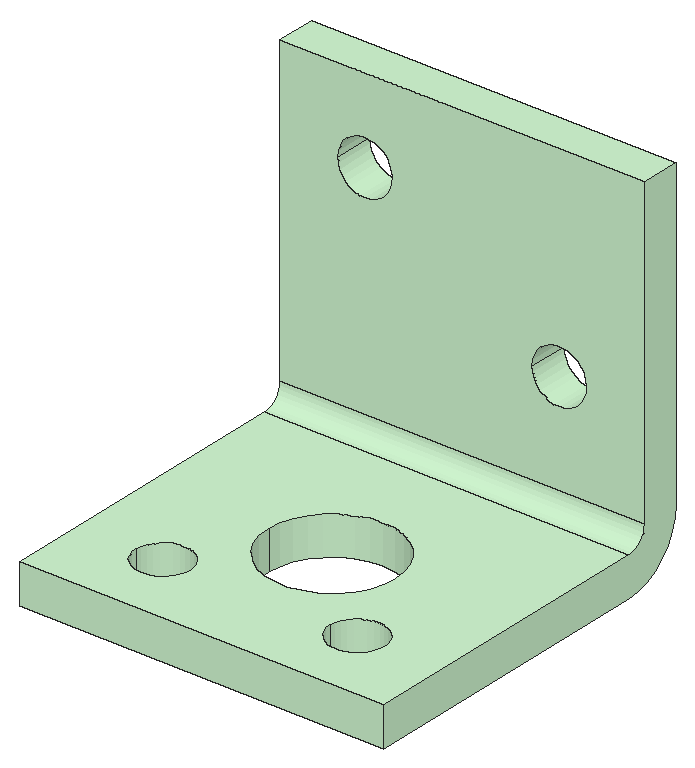
Revit family "l3-2x30x30", category 機械設備, Revit 2022
Family settings
  丸型コネクタ寸法 = 直径を使用
  種別 = なし
  パーツ タイプ = 標準
  作業面ベース = いいえ
  常に垂直 = はい
  ロード時にボイドで切り取り = いいえ
  注釈の向きを維持 = いいえ
  共有 = いいえ
  部屋計算ポイント = いいえ
Parameters
  製造元 = "株式会社桐井製作所"
  既定の高さ = 0 mm
  URL = "https://www.kirii.co.jp/"
  K_品名 = "L-t3.2×30×30L"
  K_名称 = "その他金物"
  K_入数 = "200"
  K_バージョン情報 = "20210524"
Reference planes
  plane 1 "中心(正面/背面)": y = 0
  plane 2: z = 0
  plane 3 "中心(左/右)": x = 0
Forms (mm)
  Extrusion 1, solid
    sketch origin (0, 0, 0) x (0, 0, -1) y (0, 1, 0)
      loop
        line (-30, -3.2) -> (-4.8, -3.2)
        arc (-4.8, -3.2) -> (-3.669, -3.669) -> (-3.2, -4.8) r 1.6
        line (-3.2, -4.8) -> (-3.2, -30) -> (0, -30) -> (0, -4.8)
        arc (0, -4.8) -> (-1.406, -1.406) -> (-4.8, 0) r 4.8
        line (-4.8, 0) -> (-30, 0) -> (-30, -3.2)
    from -15 to 15
  Extrusion 2, void
    sketch origin (0, 0, 0) x (1, 0, 0) y (0, 1, 0)
      loop
        circle (0, -16.6) r 5.25
      loop
        circle (8, -24) r 2.25
      loop
        circle (-8, -24) r 2.25
    from 0 to 3.2
  Extrusion 3, void
    sketch origin (0, 0, 0) x (1, 0, 0) y (0, 0, -1)
      loop
        circle (8, -13.2) r 2.25
      loop
        circle (-8, -23) r 2.25
    from -3.2 to 0
Cuts and joins
  Extrusion 2, Extrusion 3 cuts Extrusion 1
Dimensions and locks
  aligned and locked: level to plane 2
